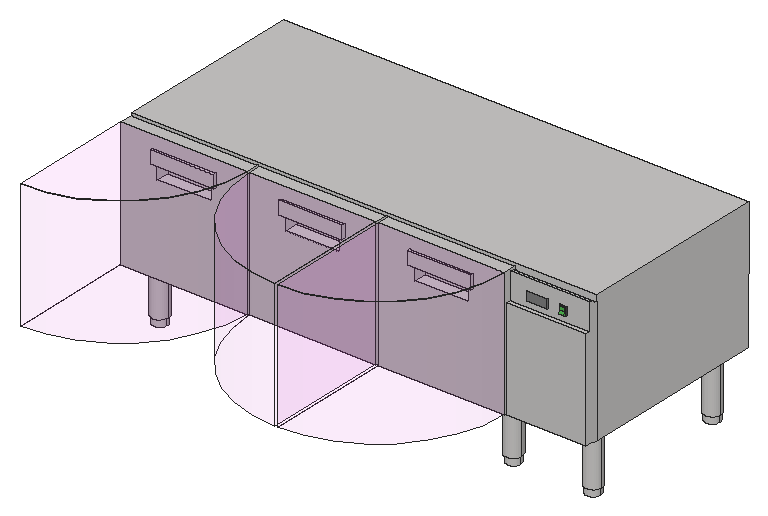
Revit family "QF_ELECTROLUXPROFESSIONAL_371293_E7TTCECOMKN", category Specialty Equipment, Revit 2018 (continued)
Lines and regions (mm)
  Split face 146
    outline origin (966.896, -348, 142.29) x (0, 0, -1) y (1, 0, 0)
      loop
        line (-85.004, -234.4) -> (-117.004, -234.4)
        arc (-117.004, -234.4) -> (-121.004, -238.41) -> (-116.984, -242.399) r 4
        line (-116.984, -242.399) -> (-85.025, -242.399)
  Split face 147
    outline origin (978.896, -348, 142.29) x (0, 0, -1) y (1, 0, 0)
      loop
        arc (-85.025, -242.399) -> (-81.004, -238.41) -> (-85.004, -234.4) r 4
        line (-85.004, -234.4) -> (-117.004, -234.4)
        arc (-117.004, -234.4) -> (-121.004, -238.41) -> (-116.984, -242.399) r 4
        line (-116.984, -242.399) -> (-85.025, -242.399)
  Split face 148
    outline origin (990.896, -348, 142.29) x (0, 0, -1) y (1, 0, 0)
      loop
        arc (-85.025, -242.399) -> (-81.004, -238.41) -> (-85.004, -234.4) r 4
        line (-85.004, -234.4) -> (-117.004, -234.4)
        arc (-117.004, -234.4) -> (-121.004, -238.41) -> (-116.984, -242.399) r 4
        line (-116.984, -242.399) -> (-85.025, -242.399)
  Split face 149
    outline origin (1002.896, -348, 142.29) x (0, 0, -1) y (1, 0, 0)
      loop
        arc (-85.025, -242.399) -> (-81.004, -238.41) -> (-85.004, -234.4) r 4
        line (-85.004, -234.4) -> (-117.004, -234.4)
        arc (-117.004, -234.4) -> (-121.004, -238.41) -> (-116.984, -242.399) r 4
        line (-116.984, -242.399) -> (-85.025, -242.399)
  Split face 150
    outline origin (1014.896, -348, 142.29) x (0, 0, -1) y (1, 0, 0)
      loop
        arc (-85.025, -242.399) -> (-81.004, -238.41) -> (-85.004, -234.4) r 4
        line (-85.004, -234.4) -> (-117.004, -234.4)
        arc (-117.004, -234.4) -> (-121.004, -238.41) -> (-116.984, -242.399) r 4
        line (-116.984, -242.399) -> (-85.025, -242.399)
  Split face 151
    outline origin (787, -348, 142.29) x (0, 0, -1) y (1, 0, 0)
      loop
        arc (-85.025, -240.599) -> (-81.004, -236.61) -> (-85.004, -232.599) r 4
        line (-85.004, -232.599) -> (-117.004, -232.599)
        arc (-117.004, -232.599) -> (-121.004, -236.61) -> (-116.984, -240.599) r 4
        line (-116.984, -240.599) -> (-85.025, -240.599)
  symbolic lines, style "SpecialityEquipmentHiddenLines"
    curve 1: line (-799, 350, 0) -> (799, 350, 0)
    curve 2: line (-799, -348, 0) -> (-799, 350, 0)
    curve 3: line (799, -348, 0) -> (-799, -348, 0)
    curve 4: line (799, 350, 0) -> (799, -348, 0)
    curve 5: line (-799, -303, 0) -> (799, -303, 0)
  symbolic lines, style "QF_Door-Drawer Clearances"
    curve 6: line (-799, -348, 0) -> (-799, -782, 0)
    curve 7: line (-759, -348, 0) -> (-759, -782, 0)
    curve 8: line (-799, -782, 0) -> (-759, -782, 0)
    curve 9: arc (-759, -782, 0) -> (-478.236, -641.044, 0) -> (-364.999, -348, 0) r 436.202
    curve 10: line (85.661, -348, 0) -> (85.661, -782, 0)
    curve 11: line (125.661, -348, 0) -> (125.661, -782, 0)
    curve 12: line (85.661, -782, 0) -> (125.661, -782, 0)
    curve 13: arc (125.661, -782, 0) -> (406.425, -641.044, 0) -> (519.662, -348, 0) r 436.202
    curve 14: line (77.332, -348, 0) -> (77.332, -782, 0)
    curve 15: line (37.332, -348, 0) -> (37.332, -782, 0)
    curve 16: line (77.332, -782, 0) -> (37.332, -782, 0)
    curve 17: arc (37.332, -782, 0) -> (-243.432, -641.044, 0) -> (-356.669, -348, 0) r 436.202
Dimensions and locks
  plane 4 to level = 200 mm
  plane 5 "TOP" to level = 650 mm
  plane 5 "TOP" to plane 4 = 450 mm
  equal spacing: plane 8 "LEFT", plane 3 "Centro (Sinistra/Destra)", plane 9 "RIGHT"
  plane 8 "LEFT" to plane 9 "RIGHT" = 1600 mm
  equal spacing: plane 6 "BACK", plane 1 "Center X", plane 7 "FRONT"
  plane 6 "BACK" to plane 7 "FRONT" = 700 mm
  locked: plane 6 "BACK" to plane 10 at 653
  locked: plane 10 to plane 11 at 45
  locked: plane 8 "LEFT" to plane 12 at 55
  locked: plane 13 to plane 9 "RIGHT" at 55
  plane 12 to plane 14 = 1216 mm
  locked: plane 6 "BACK" to plane 15 at 88
  locked: plane 16 to plane 11 at 99
  locked: plane 19 to plane 9 "RIGHT" at 1
  locked: plane 8 "LEFT" to plane 18 at 1
  plane 19 to plane 17 = 513 mm
  locked: plane 6 "BACK" to plane 20 at 160
  plane 21 to plane 9 "RIGHT" = 240 mm
  plane 14 to plane 12 = 1216 mm
  plane 12 to plane 8 "LEFT" = 55 mm
  plane 9 "RIGHT" to plane 13 = 55 mm
  Extrusion 9 to Extrusion 9 = 434 mm
  Extrusion 11 to Extrusion 11 = 434 mm
  aligned and locked: level to plane 2
  aligned and locked: plane 12 to nested 1
  aligned and locked: nested 1 to plane 16
  aligned and locked: nested 2 to plane 15
  aligned and locked: plane 14 to nested 3
  aligned and locked: nested 4 to plane 14
  aligned and locked: plane 13 to nested 5
  aligned and locked: nested 6 to plane 13
  aligned and locked: Extrusion 1 sketch curve to plane 6 "BACK"
  aligned and locked: Extrusion 1 sketch curve to plane 10
  aligned and locked: Extrusion 2 to plane 11
  aligned and locked: plane 19 to Extrusion 1
  aligned and locked: plane 4 to Extrusion 4
  aligned and locked: nested 2 to plane 12
Automatic sketch dimensions
  plane 20 to Extrusion 4 sketch curve = 0 mm
  plane 13 to Extrusion 4 sketch curve = 15 mm
  curve 6 to plane 11 = 0 mm
  curve 6 to plane 18 = 0 mm
  curve 3 to plane 19 = 0 mm
  curve 5 to plane 10 = 0 mm
  curve 2 to plane 6 "BACK" = 0 mm
  plane 11 to curve 9 = 0.156 mm
  curve 9 to plane 8 "LEFT" = 1.201 mm
  curve 8 to plane 12 = 14 mm
  plane 3 "Centro (Sinistra/Destra)" to curve 16 = 37.332 mm
  plane 3 "Centro (Sinistra/Destra)" to curve 16 = 77.332 mm
  plane 11 to curve 17 = 0.156 mm
  curve 14 to curve 17 = 2.201 mm
  plane 11 to curve 13 = 0.156 mm
  plane 3 "Centro (Sinistra/Destra)" to curve 13 = 83.461 mm
  plane 3 "Centro (Sinistra/Destra)" to curve 12 = 85.661 mm
  curve 10 to curve 11 = 40 mm
  curve 8 to plane 7 "FRONT" = 432 mm
  curve 14 to plane 7 "FRONT" = 432 mm
  curve 14 to curve 10 = 0 mm
  Extrusion 1 sketch curve to plane 19 = 0 mm
  Extrusion 1 sketch curve to plane 18 = 0 mm
  Extrusion 2 sketch curve to plane 18 = 0 mm
  plane 12 to Extrusion 2 sketch curve = 69.7 mm
  Extrusion 2 sketch curve to Extrusion 2 sketch curve = 186.601 mm
  Extrusion 2 sketch curve to plane 5 "TOP" = 9.006 mm
  Extrusion 2 sketch curve to Extrusion 2 sketch curve = 123.7 mm
  Extrusion 2 sketch curve to plane 5 "TOP" = 65 mm
  Extrusion 2 sketch curve to Extrusion 2 sketch curve = 78.294 mm
  plane 4 to Extrusion 2 sketch curve = 1.587 mm
  Extrusion 3 sketch curve to Extrusion 2 = 15 mm  (x2)
  Extrusion 2 to Extrusion 3 sketch curve = 31.031 mm
  Extrusion 3 sketch curve to Extrusion 2 = 13.969 mm
  Extrusion 5 sketch curve to plane 11 = 0 mm
  Extrusion 5 sketch curve to plane 4 = 0 mm
  Extrusion 5 sketch curve to plane 10 = 0 mm
  plane 11 to Extrusion 5 sketch curve = 16.901 mm
  Extrusion 5 sketch curve to Extrusion 5 sketch curve = 11.336 mm
  plane 4 to Extrusion 5 sketch curve = 4.796 mm
  Extrusion 5 sketch curve to plane 10 = 15.163 mm
  Extrusion 5 sketch curve to plane 10 = 5.442 mm
  Extrusion 5 sketch curve to plane 5 "TOP" = 100.204 mm
  Extrusion 5 sketch curve to plane 5 "TOP" = 20.473 mm
  Extrusion 5 sketch curve to plane 5 "TOP" = 9.006 mm
  Extrusion 5 to Extrusion 6 sketch curve = 42.198 mm
  Extrusion 6 sketch curve to Extrusion 5 = 20 mm
  Extrusion 5 to Extrusion 6 sketch curve = 102.899 mm
  Extrusion 6 sketch curve to Extrusion 6 sketch curve = 22 mm
  Extrusion 5 to Extrusion 7 sketch curve = 42.198 mm
  Extrusion 7 sketch curve to Extrusion 5 = 20 mm
  Extrusion 5 to Extrusion 7 sketch curve = 54.901 mm
  Extrusion 7 sketch curve to Extrusion 7 sketch curve = 70 mm
  Split face 1 sketch curve to Extrusion 7 = 5 mm
  Split face 1 sketch curve to Extrusion 7 = 9 mm
  Split face 1 sketch curve to Extrusion 7 = 10 mm  (x2)
  Split face 2 sketch curve to Extrusion 7 = 12.5 mm
  Split face 2 sketch curve to Extrusion 7 = 7 mm
  Split face 3 sketch curve to Extrusion 7 = 7.5 mm
  Split face 3 sketch curve to Extrusion 7 = 7 mm
  Split face 4 sketch curve to Extrusion 7 = 11.5 mm
  Split face 4 sketch curve to Extrusion 7 = 7 mm
  Split face 5 sketch curve to Extrusion 7 = 7.5 mm
  Split face 5 sketch curve to Extrusion 7 = 7 mm
  Split face 6 sketch curve to Extrusion 7 = 12.5 mm
  Split face 6 sketch curve to Extrusion 7 = 7 mm
  Split face 7 sketch curve to Extrusion 7 = 11.5 mm
  Split face 7 sketch curve to Extrusion 7 = 7 mm
  Split face 8 sketch curve to Extrusion 7 = 7.047 mm
  Split face 8 sketch curve to Extrusion 7 = 2.047 mm
  Split face 8 sketch curve to Extrusion 7 = 10 mm
  Split face 8 sketch curve to Split face 8 sketch curve = 11 mm
  Split face 9 sketch curve to Extrusion 7 = 7.047 mm
  Split face 9 sketch curve to Extrusion 7 = 2.047 mm
  Split face 9 sketch curve to Extrusion 7 = 23 mm
  Split face 9 sketch curve to Split face 9 sketch curve = 11 mm
  Split face 10 sketch curve to Extrusion 7 = 7.047 mm
  Split face 10 sketch curve to Extrusion 7 = 2.047 mm
  Split face 10 sketch curve to Extrusion 7 = 34 mm
  Split face 10 sketch curve to Split face 10 sketch curve = 11 mm
  Split face 11 sketch curve to Extrusion 7 = 7.047 mm
  Split face 11 sketch curve to Extrusion 7 = 2.047 mm
  Split face 11 sketch curve to Extrusion 7 = 21 mm
  Split face 11 sketch curve to Extrusion 7 = 10 mm
  Extrusion 8 sketch curve to Extrusion 8 sketch curve = 0 mm  (x3)
  Extrusion 8 sketch curve to Extrusion 6 = 0 mm
  Extrusion 6 to Extrusion 8 sketch curve = 2.279 mm
  Extrusion 8 sketch curve to Extrusion 8 sketch curve = 0.116 mm
  Extrusion 8 sketch curve to Extrusion 8 sketch curve = 12.105 mm
  Extrusion 6 to Extrusion 8 sketch curve = 3.692 mm
  Extrusion 6 to Extrusion 8 sketch curve = 2.395 mm
  Split face 12 sketch curve to Extrusion 5 = 20.5 mm
  Split face 12 sketch curve to Split face 12 sketch curve = 0.02 mm  (x2)
  Split face 12 sketch curve to Split face 12 sketch curve = 31.959 mm
  Split face 12 sketch curve to Extrusion 5 = 30.401 mm
  Split face 12 sketch curve to Split face 12 sketch curve = 4 mm
  Split face 13 sketch curve to Extrusion 5 = 20.5 mm
  Split face 13 sketch curve to Split face 13 sketch curve = 0.02 mm  (x2)
  Split face 13 sketch curve to Split face 13 sketch curve = 31.959 mm
  Split face 13 sketch curve to Extrusion 5 = 42.4 mm
  Split face 13 sketch curve to Split face 13 sketch curve = 4 mm
  Split face 14 sketch curve to Extrusion 5 = 20.5 mm
  Split face 14 sketch curve to Split face 14 sketch curve = 0.02 mm  (x2)
  Split face 14 sketch curve to Split face 14 sketch curve = 31.959 mm
  Split face 14 sketch curve to Extrusion 5 = 54.4 mm
  Split face 14 sketch curve to Split face 14 sketch curve = 4 mm
  Split face 15 sketch curve to Extrusion 5 = 20.5 mm
  Split face 15 sketch curve to Split face 15 sketch curve = 0.02 mm  (x2)
  Split face 15 sketch curve to Split face 15 sketch curve = 31.959 mm
  Split face 15 sketch curve to Extrusion 5 = 66.297 mm
  Split face 15 sketch curve to Split face 15 sketch curve = 4 mm
  Split face 16 sketch curve to Extrusion 5 = 20.5 mm
  Split face 16 sketch curve to Split face 16 sketch curve = 0.02 mm  (x2)
  Split face 16 sketch curve to Split face 16 sketch curve = 31.959 mm
  Split face 16 sketch curve to Extrusion 5 = 78.297 mm
  Split face 16 sketch curve to Split face 16 sketch curve = 4 mm
  Split face 17 sketch curve to Extrusion 5 = 20.5 mm
  Split face 17 sketch curve to Split face 17 sketch curve = 0.02 mm  (x2)
  Split face 17 sketch curve to Split face 17 sketch curve = 31.959 mm
  Split face 17 sketch curve to Extrusion 5 = 90.297 mm
  Split face 17 sketch curve to Split face 17 sketch curve = 4 mm
  Split face 18 sketch curve to Extrusion 5 = 20.5 mm
  Split face 18 sketch curve to Split face 18 sketch curve = 0.02 mm  (x2)
  Split face 18 sketch curve to Split face 18 sketch curve = 31.959 mm
  Split face 18 sketch curve to Extrusion 5 = 102.297 mm
  Split face 18 sketch curve to Split face 18 sketch curve = 4 mm
  Split face 19 sketch curve to Extrusion 5 = 20.5 mm
  Split face 19 sketch curve to Split face 19 sketch curve = 0.02 mm  (x2)
  Split face 19 sketch curve to Split face 19 sketch curve = 31.959 mm
  Split face 19 sketch curve to Extrusion 5 = 114.297 mm
  Split face 19 sketch curve to Split face 19 sketch curve = 4 mm
  Split face 20 sketch curve to Extrusion 5 = 20.5 mm
  Split face 20 sketch curve to Split face 20 sketch curve = 0.02 mm  (x2)
  Split face 20 sketch curve to Split face 20 sketch curve = 31.959 mm
  Split face 20 sketch curve to Extrusion 5 = 126.297 mm
  Split face 20 sketch curve to Split face 20 sketch curve = 4 mm
  Split face 21 sketch curve to Extrusion 5 = 20.5 mm
  Split face 21 sketch curve to Split face 21 sketch curve = 0.02 mm  (x2)
  Split face 21 sketch curve to Split face 21 sketch curve = 31.959 mm
  Split face 21 sketch curve to Extrusion 5 = 134.503 mm
  Split face 21 sketch curve to Split face 21 sketch curve = 4 mm
  Split face 22 sketch curve to Extrusion 5 = 20.5 mm
  Split face 22 sketch curve to Split face 22 sketch curve = 0.02 mm  (x2)
  Split face 22 sketch curve to Split face 22 sketch curve = 31.959 mm
  Split face 22 sketch curve to Extrusion 5 = 122.504 mm
  Split face 22 sketch curve to Split face 22 sketch curve = 4 mm
  Split face 23 sketch curve to Extrusion 5 = 20.5 mm
  Split face 23 sketch curve to Split face 23 sketch curve = 0.02 mm  (x2)
  Split face 23 sketch curve to Split face 23 sketch curve = 31.959 mm
  Split face 23 sketch curve to Extrusion 5 = 110.503 mm
  Split face 23 sketch curve to Split face 23 sketch curve = 4 mm
  Split face 24 sketch curve to Extrusion 5 = 20.5 mm
  Split face 24 sketch curve to Split face 24 sketch curve = 0.02 mm  (x2)
  Split face 24 sketch curve to Split face 24 sketch curve = 31.959 mm
  Split face 24 sketch curve to Extrusion 5 = 98.503 mm
  Split face 24 sketch curve to Split face 24 sketch curve = 4 mm
  Split face 25 sketch curve to Extrusion 5 = 20.5 mm
  Split face 25 sketch curve to Split face 25 sketch curve = 0.02 mm  (x2)
  Split face 25 sketch curve to Split face 25 sketch curve = 31.959 mm
  Split face 25 sketch curve to Extrusion 5 = 86.503 mm
  Split face 25 sketch curve to Split face 25 sketch curve = 4 mm
  Split face 26 sketch curve to Extrusion 5 = 20.5 mm
  Split face 26 sketch curve to Split face 26 sketch curve = 0.02 mm  (x2)
  Split face 26 sketch curve to Split face 26 sketch curve = 31.959 mm
  Split face 26 sketch curve to Extrusion 5 = 74.504 mm
  Split face 26 sketch curve to Split face 26 sketch curve = 4 mm
  Split face 27 sketch curve to Extrusion 5 = 20.5 mm
  Split face 27 sketch curve to Split face 27 sketch curve = 0.02 mm  (x2)
  Split face 27 sketch curve to Split face 27 sketch curve = 31.959 mm
  Split face 27 sketch curve to Extrusion 5 = 62.503 mm
  Split face 27 sketch curve to Split face 27 sketch curve = 4 mm
  Split face 28 sketch curve to Extrusion 5 = 20.5 mm
  Split face 28 sketch curve to Split face 28 sketch curve = 0.02 mm  (x2)
  Split face 28 sketch curve to Split face 28 sketch curve = 31.959 mm
  Split face 28 sketch curve to Extrusion 5 = 50.504 mm
  Split face 28 sketch curve to Split face 28 sketch curve = 4 mm
  Split face 29 sketch curve to Extrusion 5 = 20.5 mm
  Split face 29 sketch curve to Split face 29 sketch curve = 0.02 mm  (x2)
  Split face 29 sketch curve to Split face 29 sketch curve = 31.959 mm
  Split face 29 sketch curve to Extrusion 5 = 38.504 mm
  Split face 29 sketch curve to Split face 29 sketch curve = 4 mm
  Split face 30 sketch curve to Extrusion 5 = 20.5 mm
  Split face 30 sketch curve to Split face 30 sketch curve = 0.02 mm  (x2)
  Split face 30 sketch curve to Split face 30 sketch curve = 31.959 mm
  Split face 30 sketch curve to Extrusion 5 = 26.504 mm
  Split face 30 sketch curve to Split face 30 sketch curve = 4 mm
  Split face 31 sketch curve to Extrusion 5 = 20.5 mm
  Split face 31 sketch curve to Split face 31 sketch curve = 0.02 mm  (x2)
  Split face 31 sketch curve to Split face 31 sketch curve = 31.959 mm
  Split face 31 sketch curve to Extrusion 5 = 18.401 mm
  Split face 31 sketch curve to Split face 31 sketch curve = 4 mm
  Split face 32 sketch curve to Extrusion 5 = 65.502 mm
  Split face 32 sketch curve to Split face 32 sketch curve = 0.02 mm  (x2)
  Split face 32 sketch curve to Split face 32 sketch curve = 31.959 mm
  Split face 32 sketch curve to Extrusion 5 = 30.401 mm
  Split face 32 sketch curve to Split face 32 sketch curve = 4 mm
  Split face 33 sketch curve to Extrusion 5 = 65.502 mm
  Split face 33 sketch curve to Split face 33 sketch curve = 0.02 mm  (x2)
  Split face 33 sketch curve to Split face 33 sketch curve = 31.959 mm
  Split face 33 sketch curve to Extrusion 5 = 42.4 mm
  Split face 33 sketch curve to Split face 33 sketch curve = 4 mm
  Split face 34 sketch curve to Extrusion 5 = 65.502 mm
  Split face 34 sketch curve to Split face 34 sketch curve = 0.02 mm  (x2)
  Split face 34 sketch curve to Split face 34 sketch curve = 31.959 mm
  Split face 34 sketch curve to Extrusion 5 = 54.4 mm
  Split face 34 sketch curve to Split face 34 sketch curve = 4 mm
  Split face 35 sketch curve to Extrusion 5 = 65.502 mm
  Split face 35 sketch curve to Split face 35 sketch curve = 0.02 mm  (x2)
  Split face 35 sketch curve to Split face 35 sketch curve = 31.959 mm
  Split face 35 sketch curve to Extrusion 5 = 66.297 mm
  Split face 35 sketch curve to Split face 35 sketch curve = 4 mm
  Split face 36 sketch curve to Extrusion 5 = 65.502 mm
  Split face 36 sketch curve to Split face 36 sketch curve = 0.02 mm  (x2)
  Split face 36 sketch curve to Split face 36 sketch curve = 31.959 mm
  Split face 36 sketch curve to Extrusion 5 = 78.297 mm
  Split face 36 sketch curve to Split face 36 sketch curve = 4 mm
  Split face 37 sketch curve to Extrusion 5 = 65.502 mm
  Split face 37 sketch curve to Split face 37 sketch curve = 0.02 mm  (x2)
  Split face 37 sketch curve to Split face 37 sketch curve = 31.959 mm
  Split face 37 sketch curve to Extrusion 5 = 90.297 mm
  Split face 37 sketch curve to Split face 37 sketch curve = 4 mm
  Split face 38 sketch curve to Extrusion 5 = 65.502 mm
  Split face 38 sketch curve to Split face 38 sketch curve = 0.02 mm  (x2)
  Split face 38 sketch curve to Split face 38 sketch curve = 31.959 mm
  Split face 38 sketch curve to Extrusion 5 = 102.297 mm
  Split face 38 sketch curve to Split face 38 sketch curve = 4 mm
  Split face 39 sketch curve to Extrusion 5 = 65.502 mm
  Split face 39 sketch curve to Split face 39 sketch curve = 0.02 mm  (x2)
  Split face 39 sketch curve to Split face 39 sketch curve = 31.959 mm
  Split face 39 sketch curve to Extrusion 5 = 114.297 mm
  Split face 39 sketch curve to Split face 39 sketch curve = 4 mm
  Split face 40 sketch curve to Extrusion 5 = 65.502 mm
  Split face 40 sketch curve to Split face 40 sketch curve = 0.02 mm  (x2)
  Split face 40 sketch curve to Split face 40 sketch curve = 31.959 mm
  Split face 40 sketch curve to Extrusion 5 = 126.297 mm
  Split face 40 sketch curve to Split face 40 sketch curve = 4 mm
  Split face 41 sketch curve to Extrusion 5 = 65.502 mm
  Split face 41 sketch curve to Split face 41 sketch curve = 0.02 mm  (x2)
  Split face 41 sketch curve to Split face 41 sketch curve = 31.959 mm
  Split face 41 sketch curve to Extrusion 5 = 134.503 mm
  Split face 41 sketch curve to Split face 41 sketch curve = 4 mm
  Split face 42 sketch curve to Extrusion 5 = 65.502 mm
  Split face 42 sketch curve to Split face 42 sketch curve = 0.02 mm  (x2)
  Split face 42 sketch curve to Split face 42 sketch curve = 31.959 mm
  Split face 42 sketch curve to Extrusion 5 = 122.504 mm
  Split face 42 sketch curve to Split face 42 sketch curve = 4 mm
  Split face 43 sketch curve to Extrusion 5 = 65.502 mm
  Split face 43 sketch curve to Split face 43 sketch curve = 0.02 mm  (x2)
  Split face 43 sketch curve to Split face 43 sketch curve = 31.959 mm
  Split face 43 sketch curve to Extrusion 5 = 110.503 mm
  Split face 43 sketch curve to Split face 43 sketch curve = 4 mm
  Split face 44 sketch curve to Extrusion 5 = 65.502 mm
  Split face 44 sketch curve to Split face 44 sketch curve = 0.02 mm  (x2)
  Split face 44 sketch curve to Split face 44 sketch curve = 31.959 mm
  Split face 44 sketch curve to Extrusion 5 = 98.503 mm
  Split face 44 sketch curve to Split face 44 sketch curve = 4 mm
  Split face 45 sketch curve to Extrusion 5 = 65.502 mm
  Split face 45 sketch curve to Split face 45 sketch curve = 0.02 mm  (x2)
  Split face 45 sketch curve to Split face 45 sketch curve = 31.959 mm
  Split face 45 sketch curve to Extrusion 5 = 86.503 mm
  Split face 45 sketch curve to Split face 45 sketch curve = 4 mm
  Split face 46 sketch curve to Extrusion 5 = 65.502 mm
  Split face 46 sketch curve to Split face 46 sketch curve = 0.02 mm  (x2)
  Split face 46 sketch curve to Split face 46 sketch curve = 31.959 mm
  Split face 46 sketch curve to Extrusion 5 = 74.504 mm
  Split face 46 sketch curve to Split face 46 sketch curve = 4 mm
  Split face 47 sketch curve to Extrusion 5 = 65.502 mm
  Split face 47 sketch curve to Split face 47 sketch curve = 0.02 mm  (x2)
  Split face 47 sketch curve to Split face 47 sketch curve = 31.959 mm
  Split face 47 sketch curve to Extrusion 5 = 62.503 mm
  Split face 47 sketch curve to Split face 47 sketch curve = 4 mm
  Split face 48 sketch curve to Extrusion 5 = 65.502 mm
  Split face 48 sketch curve to Split face 48 sketch curve = 0.02 mm  (x2)
  Split face 48 sketch curve to Split face 48 sketch curve = 31.959 mm
  Split face 48 sketch curve to Extrusion 5 = 50.504 mm
  Split face 48 sketch curve to Split face 48 sketch curve = 4 mm
  Split face 49 sketch curve to Extrusion 5 = 65.502 mm
  Split face 49 sketch curve to Split face 49 sketch curve = 0.02 mm  (x2)
  Split face 49 sketch curve to Split face 49 sketch curve = 31.959 mm
  Split face 49 sketch curve to Extrusion 5 = 38.504 mm
  Split face 49 sketch curve to Split face 49 sketch curve = 4 mm
  Split face 50 sketch curve to Extrusion 5 = 22.504 mm
  Split face 50 sketch curve to Extrusion 5 = 65.502 mm
  Split face 50 sketch curve to Split face 50 sketch curve = 0.02 mm  (x2)
  Split face 50 sketch curve to Split face 50 sketch curve = 31.959 mm
  Split face 50 sketch curve to Split face 50 sketch curve = 4 mm
  Split face 51 sketch curve to Extrusion 5 = 22.401 mm
  Split face 51 sketch curve to Extrusion 5 = 65.502 mm
  Split face 51 sketch curve to Split face 51 sketch curve = 0.02 mm  (x2)
  Split face 51 sketch curve to Split face 51 sketch curve = 31.959 mm
  Split face 51 sketch curve to Split face 51 sketch curve = 4 mm
  Split face 52 sketch curve to Extrusion 5 = 34.401 mm
  Split face 52 sketch curve to Extrusion 5 = 110.502 mm
  Split face 52 sketch curve to Split face 52 sketch curve = 0.02 mm  (x2)
  Split face 52 sketch curve to Split face 52 sketch curve = 31.959 mm
  Split face 52 sketch curve to Split face 52 sketch curve = 4 mm
  Split face 53 sketch curve to Extrusion 5 = 46.4 mm
  Split face 53 sketch curve to Extrusion 5 = 110.502 mm
  Split face 53 sketch curve to Split face 53 sketch curve = 0.02 mm  (x2)
  Split face 53 sketch curve to Split face 53 sketch curve = 31.959 mm
  Split face 53 sketch curve to Split face 53 sketch curve = 4 mm
  Split face 54 sketch curve to Extrusion 5 = 110.502 mm
  Split face 54 sketch curve to Split face 54 sketch curve = 0.02 mm  (x2)
  Split face 54 sketch curve to Split face 54 sketch curve = 31.959 mm
  Split face 54 sketch curve to Extrusion 5 = 54.4 mm
  Split face 54 sketch curve to Split face 54 sketch curve = 4 mm
  Split face 55 sketch curve to Extrusion 5 = 110.502 mm
  Split face 55 sketch curve to Split face 55 sketch curve = 0.02 mm  (x2)
  Split face 55 sketch curve to Split face 55 sketch curve = 31.959 mm
  Split face 55 sketch curve to Extrusion 5 = 66.297 mm
  Split face 55 sketch curve to Split face 55 sketch curve = 4 mm
  Split face 56 sketch curve to Extrusion 5 = 110.502 mm
  Split face 56 sketch curve to Split face 56 sketch curve = 0.02 mm  (x2)
  Split face 56 sketch curve to Split face 56 sketch curve = 31.959 mm
  Split face 56 sketch curve to Extrusion 5 = 78.297 mm
  Split face 56 sketch curve to Split face 56 sketch curve = 4 mm
  Split face 57 sketch curve to Extrusion 5 = 110.502 mm
  Split face 57 sketch curve to Split face 57 sketch curve = 0.02 mm  (x2)
  Split face 57 sketch curve to Split face 57 sketch curve = 31.959 mm
  Split face 57 sketch curve to Extrusion 5 = 90.297 mm
  Split face 57 sketch curve to Split face 57 sketch curve = 4 mm
  Split face 58 sketch curve to Extrusion 5 = 110.502 mm
  Split face 58 sketch curve to Split face 58 sketch curve = 0.02 mm  (x2)
  Split face 58 sketch curve to Split face 58 sketch curve = 31.959 mm
  Split face 58 sketch curve to Extrusion 5 = 102.297 mm
  Split face 58 sketch curve to Split face 58 sketch curve = 4 mm
  Split face 59 sketch curve to Extrusion 5 = 110.502 mm
  Split face 59 sketch curve to Split face 59 sketch curve = 0.02 mm  (x2)
  Split face 59 sketch curve to Split face 59 sketch curve = 31.959 mm
  Split face 59 sketch curve to Extrusion 5 = 114.297 mm
  Split face 59 sketch curve to Split face 59 sketch curve = 4 mm
  Split face 60 sketch curve to Extrusion 5 = 110.502 mm
  Split face 60 sketch curve to Split face 60 sketch curve = 0.02 mm  (x2)
  Split face 60 sketch curve to Split face 60 sketch curve = 31.959 mm
  Split face 60 sketch curve to Extrusion 5 = 126.297 mm
  Split face 60 sketch curve to Split face 60 sketch curve = 4 mm
  Split face 61 sketch curve to Extrusion 5 = 110.502 mm
  Split face 61 sketch curve to Split face 61 sketch curve = 0.02 mm  (x2)
  Split face 61 sketch curve to Split face 61 sketch curve = 31.959 mm
  Split face 61 sketch curve to Extrusion 5 = 134.503 mm
  Split face 61 sketch curve to Split face 61 sketch curve = 4 mm
  Split face 62 sketch curve to Extrusion 5 = 110.502 mm
  Split face 62 sketch curve to Split face 62 sketch curve = 0.02 mm  (x2)
  Split face 62 sketch curve to Split face 62 sketch curve = 31.959 mm
  Split face 62 sketch curve to Extrusion 5 = 122.504 mm
  Split face 62 sketch curve to Split face 62 sketch curve = 4 mm
  Split face 63 sketch curve to Extrusion 5 = 110.502 mm
  Split face 63 sketch curve to Split face 63 sketch curve = 0.02 mm  (x2)
  Split face 63 sketch curve to Split face 63 sketch curve = 31.959 mm
  Split face 63 sketch curve to Extrusion 5 = 110.503 mm
  Split face 63 sketch curve to Split face 63 sketch curve = 4 mm
  Split face 64 sketch curve to Extrusion 5 = 110.502 mm
  Split face 64 sketch curve to Split face 64 sketch curve = 0.02 mm  (x2)
  Split face 64 sketch curve to Split face 64 sketch curve = 31.959 mm
  Split face 64 sketch curve to Extrusion 5 = 98.503 mm
  Split face 64 sketch curve to Split face 64 sketch curve = 4 mm
  Split face 65 sketch curve to Extrusion 5 = 110.502 mm
  Split face 65 sketch curve to Split face 65 sketch curve = 0.02 mm  (x2)
  Split face 65 sketch curve to Split face 65 sketch curve = 31.959 mm
  Split face 65 sketch curve to Extrusion 5 = 86.503 mm
  Split face 65 sketch curve to Split face 65 sketch curve = 4 mm
  Split face 66 sketch curve to Extrusion 5 = 110.502 mm
  Split face 66 sketch curve to Split face 66 sketch curve = 0.02 mm  (x2)
  Split face 66 sketch curve to Split face 66 sketch curve = 31.959 mm
  Split face 66 sketch curve to Extrusion 5 = 74.504 mm
  Split face 66 sketch curve to Split face 66 sketch curve = 4 mm
  Split face 67 sketch curve to Extrusion 5 = 110.502 mm
  Split face 67 sketch curve to Split face 67 sketch curve = 0.02 mm  (x2)
  Split face 67 sketch curve to Split face 67 sketch curve = 31.959 mm
  Split face 67 sketch curve to Extrusion 5 = 62.503 mm
  Split face 67 sketch curve to Split face 67 sketch curve = 4 mm
  Split face 68 sketch curve to Extrusion 5 = 46.504 mm
  Split face 68 sketch curve to Extrusion 5 = 110.502 mm
  Split face 68 sketch curve to Split face 68 sketch curve = 0.02 mm  (x2)
  Split face 68 sketch curve to Split face 68 sketch curve = 31.959 mm
  Split face 68 sketch curve to Split face 68 sketch curve = 4 mm
  Split face 69 sketch curve to Extrusion 5 = 34.504 mm
  Split face 69 sketch curve to Extrusion 5 = 110.502 mm
  Split face 69 sketch curve to Split face 69 sketch curve = 0.02 mm  (x2)
  Split face 69 sketch curve to Split face 69 sketch curve = 31.959 mm
  Split face 69 sketch curve to Split face 69 sketch curve = 4 mm
  Split face 70 sketch curve to Extrusion 5 = 22.504 mm
  Split face 70 sketch curve to Extrusion 5 = 110.502 mm
  Split face 70 sketch curve to Split face 70 sketch curve = 0.02 mm  (x2)
  Split face 70 sketch curve to Split face 70 sketch curve = 31.959 mm
  Split face 70 sketch curve to Split face 70 sketch curve = 4 mm
  Split face 71 sketch curve to Extrusion 5 = 22.401 mm
  Split face 71 sketch curve to Extrusion 5 = 110.502 mm
  Split face 71 sketch curve to Split face 71 sketch curve = 0.02 mm  (x2)
  Split face 71 sketch curve to Split face 71 sketch curve = 31.959 mm
  Split face 71 sketch curve to Split face 71 sketch curve = 4 mm
  Split face 72 sketch curve to Extrusion 5 = 34.401 mm
  Split face 72 sketch curve to Extrusion 5 = 155.502 mm
  Split face 72 sketch curve to Split face 72 sketch curve = 0.02 mm  (x2)
  Split face 72 sketch curve to Split face 72 sketch curve = 31.959 mm
  Split face 72 sketch curve to Split face 72 sketch curve = 4 mm
  Split face 73 sketch curve to Extrusion 5 = 46.4 mm
  Split face 73 sketch curve to Extrusion 5 = 155.502 mm
  Split face 73 sketch curve to Split face 73 sketch curve = 0.02 mm  (x2)
  Split face 73 sketch curve to Split face 73 sketch curve = 31.959 mm
  Split face 73 sketch curve to Split face 73 sketch curve = 4 mm
  Split face 74 sketch curve to Extrusion 5 = 58.4 mm
  Split face 74 sketch curve to Extrusion 5 = 155.502 mm
  Split face 74 sketch curve to Split face 74 sketch curve = 0.02 mm  (x2)
  Split face 74 sketch curve to Split face 74 sketch curve = 31.959 mm
  Split face 74 sketch curve to Split face 74 sketch curve = 4 mm
  Split face 75 sketch curve to Extrusion 5 = 70.297 mm
  Split face 75 sketch curve to Extrusion 5 = 155.502 mm
  Split face 75 sketch curve to Split face 75 sketch curve = 0.02 mm  (x2)
  Split face 75 sketch curve to Split face 75 sketch curve = 31.959 mm
  Split face 75 sketch curve to Split face 75 sketch curve = 4 mm
  Split face 76 sketch curve to Extrusion 5 = 155.502 mm
  Split face 76 sketch curve to Split face 76 sketch curve = 0.02 mm  (x2)
  Split face 76 sketch curve to Split face 76 sketch curve = 31.959 mm
  Split face 76 sketch curve to Extrusion 5 = 78.297 mm
  Split face 76 sketch curve to Split face 76 sketch curve = 4 mm
  Split face 77 sketch curve to Extrusion 5 = 155.502 mm
  Split face 77 sketch curve to Split face 77 sketch curve = 0.02 mm  (x2)
  Split face 77 sketch curve to Split face 77 sketch curve = 31.959 mm
  Split face 77 sketch curve to Extrusion 5 = 90.297 mm
  Split face 77 sketch curve to Split face 77 sketch curve = 4 mm
  Split face 78 sketch curve to Extrusion 5 = 155.502 mm
  Split face 78 sketch curve to Split face 78 sketch curve = 0.02 mm  (x2)
  Split face 78 sketch curve to Split face 78 sketch curve = 31.959 mm
  Split face 78 sketch curve to Extrusion 5 = 102.297 mm
  Split face 78 sketch curve to Split face 78 sketch curve = 4 mm
  Split face 79 sketch curve to Extrusion 5 = 155.502 mm
  Split face 79 sketch curve to Split face 79 sketch curve = 0.02 mm  (x2)
  Split face 79 sketch curve to Split face 79 sketch curve = 31.959 mm
  Split face 79 sketch curve to Extrusion 5 = 114.297 mm
  Split face 79 sketch curve to Split face 79 sketch curve = 4 mm
  Split face 80 sketch curve to Extrusion 5 = 155.502 mm
  Split face 80 sketch curve to Split face 80 sketch curve = 0.02 mm  (x2)
  Split face 80 sketch curve to Split face 80 sketch curve = 31.959 mm
  Split face 80 sketch curve to Extrusion 5 = 126.297 mm
  Split face 80 sketch curve to Split face 80 sketch curve = 4 mm
  Split face 81 sketch curve to Extrusion 5 = 155.502 mm
  Split face 81 sketch curve to Split face 81 sketch curve = 0.02 mm  (x2)
  Split face 81 sketch curve to Split face 81 sketch curve = 31.959 mm
  Split face 81 sketch curve to Extrusion 5 = 134.503 mm
  Split face 81 sketch curve to Split face 81 sketch curve = 4 mm
  Split face 82 sketch curve to Extrusion 5 = 155.502 mm
  Split face 82 sketch curve to Split face 82 sketch curve = 0.02 mm  (x2)
  Split face 82 sketch curve to Split face 82 sketch curve = 31.959 mm
  Split face 82 sketch curve to Extrusion 5 = 122.504 mm
  Split face 82 sketch curve to Split face 82 sketch curve = 4 mm
  Split face 83 sketch curve to Extrusion 5 = 155.502 mm
  Split face 83 sketch curve to Split face 83 sketch curve = 0.02 mm  (x2)
  Split face 83 sketch curve to Split face 83 sketch curve = 31.959 mm
  Split face 83 sketch curve to Extrusion 5 = 110.503 mm
  Split face 83 sketch curve to Split face 83 sketch curve = 4 mm
  Split face 84 sketch curve to Extrusion 5 = 155.502 mm
  Split face 84 sketch curve to Split face 84 sketch curve = 0.02 mm  (x2)
  Split face 84 sketch curve to Split face 84 sketch curve = 31.959 mm
  Split face 84 sketch curve to Extrusion 5 = 98.503 mm
  Split face 84 sketch curve to Split face 84 sketch curve = 4 mm
  Split face 85 sketch curve to Extrusion 5 = 155.502 mm
  Split face 85 sketch curve to Split face 85 sketch curve = 0.02 mm  (x2)
  Split face 85 sketch curve to Split face 85 sketch curve = 31.959 mm
  Split face 85 sketch curve to Extrusion 5 = 86.503 mm
  Split face 85 sketch curve to Split face 85 sketch curve = 4 mm
  Split face 86 sketch curve to Extrusion 5 = 70.504 mm
  Split face 86 sketch curve to Extrusion 5 = 155.502 mm
  Split face 86 sketch curve to Split face 86 sketch curve = 0.02 mm  (x2)
  Split face 86 sketch curve to Split face 86 sketch curve = 31.959 mm
  Split face 86 sketch curve to Split face 86 sketch curve = 4 mm
  Split face 87 sketch curve to Extrusion 5 = 58.503 mm
  Split face 87 sketch curve to Extrusion 5 = 155.502 mm
  Split face 87 sketch curve to Split face 87 sketch curve = 0.02 mm  (x2)
  Split face 87 sketch curve to Split face 87 sketch curve = 31.959 mm
  Split face 87 sketch curve to Split face 87 sketch curve = 4 mm
  Split face 88 sketch curve to Extrusion 5 = 46.504 mm
  Split face 88 sketch curve to Extrusion 5 = 155.502 mm
  Split face 88 sketch curve to Split face 88 sketch curve = 0.02 mm  (x2)
  Split face 88 sketch curve to Split face 88 sketch curve = 31.959 mm
  Split face 88 sketch curve to Split face 88 sketch curve = 4 mm
  Split face 89 sketch curve to Extrusion 5 = 34.504 mm
  Split face 89 sketch curve to Extrusion 5 = 155.502 mm
  Split face 89 sketch curve to Split face 89 sketch curve = 0.02 mm  (x2)
  Split face 89 sketch curve to Split face 89 sketch curve = 31.959 mm
  Split face 89 sketch curve to Split face 89 sketch curve = 4 mm
  Split face 90 sketch curve to Extrusion 5 = 22.504 mm
  Split face 90 sketch curve to Extrusion 5 = 155.502 mm
  Split face 90 sketch curve to Split face 90 sketch curve = 0.02 mm  (x2)
  Split face 90 sketch curve to Split face 90 sketch curve = 31.959 mm
  Split face 90 sketch curve to Split face 90 sketch curve = 4 mm
  Split face 91 sketch curve to Extrusion 5 = 22.401 mm
  Split face 91 sketch curve to Extrusion 5 = 155.502 mm
  Split face 91 sketch curve to Split face 91 sketch curve = 0.02 mm  (x2)
  Split face 91 sketch curve to Split face 91 sketch curve = 31.959 mm
  Split face 91 sketch curve to Split face 91 sketch curve = 4 mm
  Split face 92 sketch curve to Extrusion 5 = 34.401 mm
  Split face 92 sketch curve to Extrusion 5 = 144.498 mm
  Split face 92 sketch curve to Split face 92 sketch curve = 0.02 mm  (x2)
  Split face 92 sketch curve to Split face 92 sketch curve = 31.959 mm
  Split face 92 sketch curve to Split face 92 sketch curve = 4 mm
  Split face 93 sketch curve to Extrusion 5 = 46.4 mm
  Split face 93 sketch curve to Extrusion 5 = 144.498 mm
  Split face 93 sketch curve to Split face 93 sketch curve = 0.02 mm  (x2)
  Split face 93 sketch curve to Split face 93 sketch curve = 31.959 mm
  Split face 93 sketch curve to Split face 93 sketch curve = 4 mm
  Split face 94 sketch curve to Extrusion 5 = 58.4 mm
  Split face 94 sketch curve to Extrusion 5 = 144.498 mm
  Split face 94 sketch curve to Split face 94 sketch curve = 0.02 mm  (x2)
  Split face 94 sketch curve to Split face 94 sketch curve = 31.959 mm
  Split face 94 sketch curve to Split face 94 sketch curve = 4 mm
  Split face 95 sketch curve to Extrusion 5 = 70.297 mm
  Split face 95 sketch curve to Extrusion 5 = 144.498 mm
  Split face 95 sketch curve to Split face 95 sketch curve = 0.02 mm  (x2)
  Split face 95 sketch curve to Split face 95 sketch curve = 31.959 mm
  Split face 95 sketch curve to Split face 95 sketch curve = 4 mm
  Split face 96 sketch curve to Extrusion 5 = 144.498 mm
  Split face 96 sketch curve to Split face 96 sketch curve = 0.02 mm  (x2)
  Split face 96 sketch curve to Split face 96 sketch curve = 31.959 mm
  Split face 96 sketch curve to Extrusion 5 = 78.297 mm
  Split face 96 sketch curve to Split face 96 sketch curve = 4 mm
  Split face 97 sketch curve to Extrusion 5 = 144.498 mm
  Split face 97 sketch curve to Split face 97 sketch curve = 0.02 mm  (x2)
  Split face 97 sketch curve to Split face 97 sketch curve = 31.959 mm
  Split face 97 sketch curve to Extrusion 5 = 90.297 mm
  Split face 97 sketch curve to Split face 97 sketch curve = 4 mm
  Split face 98 sketch curve to Extrusion 5 = 144.498 mm
  Split face 98 sketch curve to Split face 98 sketch curve = 0.02 mm  (x2)
  Split face 98 sketch curve to Split face 98 sketch curve = 31.959 mm
  Split face 98 sketch curve to Extrusion 5 = 102.297 mm
  Split face 98 sketch curve to Split face 98 sketch curve = 4 mm
  Split face 99 sketch curve to Extrusion 5 = 144.498 mm
  Split face 99 sketch curve to Split face 99 sketch curve = 0.02 mm  (x2)
  Split face 99 sketch curve to Split face 99 sketch curve = 31.959 mm
  Split face 99 sketch curve to Extrusion 5 = 114.297 mm
  Split face 99 sketch curve to Split face 99 sketch curve = 4 mm
  Split face 100 sketch curve to Extrusion 5 = 144.498 mm
  Split face 100 sketch curve to Split face 100 sketch curve = 0.02 mm  (x2)
  Split face 100 sketch curve to Split face 100 sketch curve = 31.959 mm
  Split face 100 sketch curve to Extrusion 5 = 126.297 mm
  Split face 100 sketch curve to Split face 100 sketch curve = 4 mm
  Split face 101 sketch curve to Extrusion 5 = 144.498 mm
  Split face 101 sketch curve to Split face 101 sketch curve = 0.02 mm  (x2)
  Split face 101 sketch curve to Split face 101 sketch curve = 31.959 mm
  Split face 101 sketch curve to Extrusion 5 = 134.503 mm
  Split face 101 sketch curve to Split face 101 sketch curve = 4 mm
  Split face 102 sketch curve to Extrusion 5 = 144.498 mm
  Split face 102 sketch curve to Split face 102 sketch curve = 0.02 mm  (x2)
  Split face 102 sketch curve to Split face 102 sketch curve = 31.959 mm
  Split face 102 sketch curve to Extrusion 5 = 122.504 mm
  Split face 102 sketch curve to Split face 102 sketch curve = 4 mm
  Split face 103 sketch curve to Extrusion 5 = 144.498 mm
  Split face 103 sketch curve to Split face 103 sketch curve = 0.02 mm  (x2)
  Split face 103 sketch curve to Split face 103 sketch curve = 31.959 mm
  Split face 103 sketch curve to Extrusion 5 = 110.503 mm
  Split face 103 sketch curve to Split face 103 sketch curve = 4 mm
  Split face 104 sketch curve to Extrusion 5 = 144.498 mm
  Split face 104 sketch curve to Split face 104 sketch curve = 0.02 mm  (x2)
  Split face 104 sketch curve to Split face 104 sketch curve = 31.959 mm
  Split face 104 sketch curve to Extrusion 5 = 98.503 mm
  Split face 104 sketch curve to Split face 104 sketch curve = 4 mm
  Split face 105 sketch curve to Extrusion 5 = 144.498 mm
  Split face 105 sketch curve to Split face 105 sketch curve = 0.02 mm  (x2)
  Split face 105 sketch curve to Split face 105 sketch curve = 31.959 mm
  Split face 105 sketch curve to Extrusion 5 = 86.503 mm
  Split face 105 sketch curve to Split face 105 sketch curve = 4 mm
  Split face 106 sketch curve to Extrusion 5 = 70.504 mm
  Split face 106 sketch curve to Extrusion 5 = 144.498 mm
  Split face 106 sketch curve to Split face 106 sketch curve = 0.02 mm  (x2)
  Split face 106 sketch curve to Split face 106 sketch curve = 31.959 mm
  Split face 106 sketch curve to Split face 106 sketch curve = 4 mm
  Split face 107 sketch curve to Extrusion 5 = 58.503 mm
  Split face 107 sketch curve to Extrusion 5 = 144.498 mm
  Split face 107 sketch curve to Split face 107 sketch curve = 0.02 mm  (x2)
  Split face 107 sketch curve to Split face 107 sketch curve = 31.959 mm
  Split face 107 sketch curve to Split face 107 sketch curve = 4 mm
  Split face 108 sketch curve to Extrusion 5 = 46.504 mm
  Split face 108 sketch curve to Extrusion 5 = 144.498 mm
  Split face 108 sketch curve to Split face 108 sketch curve = 0.02 mm  (x2)
  Split face 108 sketch curve to Split face 108 sketch curve = 31.959 mm
  Split face 108 sketch curve to Split face 108 sketch curve = 4 mm
  Split face 109 sketch curve to Extrusion 5 = 34.504 mm
  Split face 109 sketch curve to Extrusion 5 = 144.498 mm
  Split face 109 sketch curve to Split face 109 sketch curve = 0.02 mm  (x2)
  Split face 109 sketch curve to Split face 109 sketch curve = 31.959 mm
  Split face 109 sketch curve to Split face 109 sketch curve = 4 mm
  Split face 110 sketch curve to Extrusion 5 = 22.504 mm
  Split face 110 sketch curve to Extrusion 5 = 144.498 mm
  Split face 110 sketch curve to Split face 110 sketch curve = 0.02 mm  (x2)
  Split face 110 sketch curve to Split face 110 sketch curve = 31.959 mm
  Split face 110 sketch curve to Split face 110 sketch curve = 4 mm
  Split face 111 sketch curve to Extrusion 5 = 22.401 mm
  Split face 111 sketch curve to Extrusion 5 = 144.498 mm
  Split face 111 sketch curve to Split face 111 sketch curve = 0.02 mm  (x2)
  Split face 111 sketch curve to Split face 111 sketch curve = 31.959 mm
  Split face 111 sketch curve to Split face 111 sketch curve = 4 mm
  Split face 112 sketch curve to Extrusion 5 = 34.401 mm
  Split face 112 sketch curve to Extrusion 5 = 99.499 mm
  Split face 112 sketch curve to Split face 112 sketch curve = 0.02 mm  (x2)
  Split face 112 sketch curve to Split face 112 sketch curve = 31.959 mm
  Split face 112 sketch curve to Split face 112 sketch curve = 4 mm
  Split face 113 sketch curve to Extrusion 5 = 46.4 mm
  Split face 113 sketch curve to Extrusion 5 = 99.499 mm
  Split face 113 sketch curve to Split face 113 sketch curve = 0.02 mm  (x2)
  Split face 113 sketch curve to Split face 113 sketch curve = 31.959 mm
  Split face 113 sketch curve to Split face 113 sketch curve = 4 mm
  Split face 114 sketch curve to Extrusion 5 = 99.499 mm
  Split face 114 sketch curve to Split face 114 sketch curve = 0.02 mm  (x2)
  Split face 114 sketch curve to Split face 114 sketch curve = 31.959 mm
  Split face 114 sketch curve to Extrusion 5 = 54.4 mm
  Split face 114 sketch curve to Split face 114 sketch curve = 4 mm
  Split face 115 sketch curve to Extrusion 5 = 99.499 mm
  Split face 115 sketch curve to Split face 115 sketch curve = 0.02 mm  (x2)
  Split face 115 sketch curve to Split face 115 sketch curve = 31.959 mm
  Split face 115 sketch curve to Extrusion 5 = 66.297 mm
  Split face 115 sketch curve to Split face 115 sketch curve = 4 mm
  Split face 116 sketch curve to Extrusion 5 = 99.499 mm
  Split face 116 sketch curve to Split face 116 sketch curve = 0.02 mm  (x2)
  Split face 116 sketch curve to Split face 116 sketch curve = 31.959 mm
  Split face 116 sketch curve to Extrusion 5 = 78.297 mm
  Split face 116 sketch curve to Split face 116 sketch curve = 4 mm
  Split face 117 sketch curve to Extrusion 5 = 99.499 mm
  Split face 117 sketch curve to Split face 117 sketch curve = 0.02 mm  (x2)
  Split face 117 sketch curve to Split face 117 sketch curve = 31.959 mm
  Split face 117 sketch curve to Extrusion 5 = 90.297 mm
  Split face 117 sketch curve to Split face 117 sketch curve = 4 mm
  Split face 118 sketch curve to Extrusion 5 = 99.499 mm
  Split face 118 sketch curve to Split face 118 sketch curve = 0.02 mm  (x2)
  Split face 118 sketch curve to Split face 118 sketch curve = 31.959 mm
  Split face 118 sketch curve to Extrusion 5 = 102.297 mm
  Split face 118 sketch curve to Split face 118 sketch curve = 4 mm
  Split face 119 sketch curve to Extrusion 5 = 99.499 mm
  Split face 119 sketch curve to Split face 119 sketch curve = 0.02 mm  (x2)
  Split face 119 sketch curve to Split face 119 sketch curve = 31.959 mm
  Split face 119 sketch curve to Extrusion 5 = 114.297 mm
  Split face 119 sketch curve to Split face 119 sketch curve = 4 mm
  Split face 120 sketch curve to Extrusion 5 = 99.499 mm
  Split face 120 sketch curve to Split face 120 sketch curve = 0.02 mm  (x2)
  Split face 120 sketch curve to Split face 120 sketch curve = 31.959 mm
  Split face 120 sketch curve to Extrusion 5 = 126.297 mm
  Split face 120 sketch curve to Split face 120 sketch curve = 4 mm
  Split face 121 sketch curve to Extrusion 5 = 99.499 mm
  Split face 121 sketch curve to Split face 121 sketch curve = 0.02 mm  (x2)
  Split face 121 sketch curve to Split face 121 sketch curve = 31.959 mm
  Split face 121 sketch curve to Extrusion 5 = 134.503 mm
  Split face 121 sketch curve to Split face 121 sketch curve = 4 mm
  Split face 122 sketch curve to Extrusion 5 = 99.499 mm
  Split face 122 sketch curve to Split face 122 sketch curve = 0.02 mm  (x2)
  Split face 122 sketch curve to Split face 122 sketch curve = 31.959 mm
  Split face 122 sketch curve to Extrusion 5 = 122.504 mm
  Split face 122 sketch curve to Split face 122 sketch curve = 4 mm
  Split face 123 sketch curve to Extrusion 5 = 99.499 mm
  Split face 123 sketch curve to Split face 123 sketch curve = 0.02 mm  (x2)
  Split face 123 sketch curve to Split face 123 sketch curve = 31.959 mm
  Split face 123 sketch curve to Extrusion 5 = 110.503 mm
  Split face 123 sketch curve to Split face 123 sketch curve = 4 mm
  Split face 124 sketch curve to Extrusion 5 = 99.499 mm
  Split face 124 sketch curve to Split face 124 sketch curve = 0.02 mm  (x2)
  Split face 124 sketch curve to Split face 124 sketch curve = 31.959 mm
  Split face 124 sketch curve to Extrusion 5 = 98.503 mm
  Split face 124 sketch curve to Split face 124 sketch curve = 4 mm
  Split face 125 sketch curve to Extrusion 5 = 99.499 mm
  Split face 125 sketch curve to Split face 125 sketch curve = 0.02 mm  (x2)
  Split face 125 sketch curve to Split face 125 sketch curve = 31.959 mm
  Split face 125 sketch curve to Extrusion 5 = 86.503 mm
  Split face 125 sketch curve to Split face 125 sketch curve = 4 mm
  Split face 126 sketch curve to Extrusion 5 = 99.499 mm
  Split face 126 sketch curve to Split face 126 sketch curve = 0.02 mm  (x2)
  Split face 126 sketch curve to Split face 126 sketch curve = 31.959 mm
  Split face 126 sketch curve to Extrusion 5 = 74.504 mm
  Split face 126 sketch curve to Split face 126 sketch curve = 4 mm
  Split face 127 sketch curve to Extrusion 5 = 99.499 mm
  Split face 127 sketch curve to Split face 127 sketch curve = 0.02 mm  (x2)
  Split face 127 sketch curve to Split face 127 sketch curve = 31.959 mm
  Split face 127 sketch curve to Extrusion 5 = 62.503 mm
  Split face 127 sketch curve to Split face 127 sketch curve = 4 mm
  Split face 128 sketch curve to Extrusion 5 = 46.504 mm
  Split face 128 sketch curve to Extrusion 5 = 99.499 mm
  Split face 128 sketch curve to Split face 128 sketch curve = 0.02 mm  (x2)
  Split face 128 sketch curve to Split face 128 sketch curve = 31.959 mm
  Split face 128 sketch curve to Split face 128 sketch curve = 4 mm
  Split face 129 sketch curve to Extrusion 5 = 34.504 mm
  Split face 129 sketch curve to Extrusion 5 = 99.499 mm
  Split face 129 sketch curve to Split face 129 sketch curve = 0.02 mm  (x2)
  Split face 129 sketch curve to Split face 129 sketch curve = 31.959 mm
  Split face 129 sketch curve to Split face 129 sketch curve = 4 mm
  Split face 130 sketch curve to Extrusion 5 = 22.504 mm
  Split face 130 sketch curve to Extrusion 5 = 99.499 mm
  Split face 130 sketch curve to Split face 130 sketch curve = 0.02 mm  (x2)
  Split face 130 sketch curve to Split face 130 sketch curve = 31.959 mm
  Split face 130 sketch curve to Split face 130 sketch curve = 4 mm
  Split face 131 sketch curve to Extrusion 5 = 22.401 mm
  Split face 131 sketch curve to Extrusion 5 = 99.499 mm
  Split face 131 sketch curve to Split face 131 sketch curve = 0.02 mm  (x2)
  Split face 131 sketch curve to Split face 131 sketch curve = 31.959 mm
  Split face 131 sketch curve to Split face 131 sketch curve = 4 mm
  Split face 132 sketch curve to Extrusion 5 = 54.499 mm
  Split face 132 sketch curve to Split face 132 sketch curve = 0.02 mm  (x2)
  Split face 132 sketch curve to Extrusion 5 = 22.519 mm
  Split face 132 sketch curve to Extrusion 5 = 30.401 mm
  Split face 132 sketch curve to Split face 132 sketch curve = 4 mm
  Split face 133 sketch curve to Extrusion 5 = 54.499 mm
  Split face 133 sketch curve to Split face 133 sketch curve = 0.02 mm  (x2)
  Split face 133 sketch curve to Extrusion 5 = 22.519 mm
  Split face 133 sketch curve to Extrusion 5 = 42.4 mm
  Split face 133 sketch curve to Split face 133 sketch curve = 4 mm
  Split face 134 sketch curve to Extrusion 5 = 54.499 mm
  Split face 134 sketch curve to Split face 134 sketch curve = 0.02 mm  (x2)
  Split face 134 sketch curve to Extrusion 5 = 22.519 mm
  Split face 134 sketch curve to Extrusion 5 = 54.4 mm
  Split face 134 sketch curve to Split face 134 sketch curve = 4 mm
  Split face 135 sketch curve to Extrusion 5 = 54.499 mm
  Split face 135 sketch curve to Split face 135 sketch curve = 0.02 mm  (x2)
  Split face 135 sketch curve to Extrusion 5 = 22.519 mm
  Split face 135 sketch curve to Extrusion 5 = 66.297 mm
  Split face 135 sketch curve to Split face 135 sketch curve = 4 mm
  Split face 136 sketch curve to Extrusion 5 = 54.499 mm
  Split face 136 sketch curve to Split face 136 sketch curve = 0.02 mm  (x2)
  Split face 136 sketch curve to Extrusion 5 = 22.519 mm
  Split face 136 sketch curve to Extrusion 5 = 78.297 mm
  Split face 136 sketch curve to Split face 136 sketch curve = 4 mm
  Split face 137 sketch curve to Extrusion 5 = 54.499 mm
  Split face 137 sketch curve to Split face 137 sketch curve = 0.02 mm  (x2)
  Split face 137 sketch curve to Extrusion 5 = 22.519 mm
  Split face 137 sketch curve to Extrusion 5 = 90.297 mm
  Split face 137 sketch curve to Split face 137 sketch curve = 4 mm
  Split face 138 sketch curve to Extrusion 5 = 54.499 mm
  Split face 138 sketch curve to Split face 138 sketch curve = 0.02 mm  (x2)
  Split face 138 sketch curve to Extrusion 5 = 22.519 mm
  Split face 138 sketch curve to Extrusion 5 = 102.297 mm
  Split face 138 sketch curve to Split face 138 sketch curve = 4 mm
  Split face 139 sketch curve to Extrusion 5 = 54.499 mm
  Split face 139 sketch curve to Split face 139 sketch curve = 0.02 mm  (x2)
  Split face 139 sketch curve to Extrusion 5 = 22.519 mm
  Split face 139 sketch curve to Extrusion 5 = 114.297 mm
  Split face 139 sketch curve to Split face 139 sketch curve = 4 mm
  Split face 140 sketch curve to Extrusion 5 = 54.499 mm
  Split face 140 sketch curve to Split face 140 sketch curve = 0.02 mm  (x2)
  Split face 140 sketch curve to Extrusion 5 = 22.519 mm
  Split face 140 sketch curve to Extrusion 5 = 126.297 mm
  Split face 140 sketch curve to Split face 140 sketch curve = 4 mm
  Split face 141 sketch curve to Extrusion 5 = 54.499 mm
  Split face 141 sketch curve to Split face 141 sketch curve = 0.02 mm  (x2)
  Split face 141 sketch curve to Extrusion 5 = 22.519 mm
  Split face 141 sketch curve to Extrusion 5 = 134.503 mm
  Split face 141 sketch curve to Split face 141 sketch curve = 4 mm
  Split face 142 sketch curve to Extrusion 5 = 54.499 mm
  Split face 142 sketch curve to Split face 142 sketch curve = 0.02 mm  (x2)
  Split face 142 sketch curve to Extrusion 5 = 22.519 mm
  Split face 142 sketch curve to Extrusion 5 = 122.504 mm
  Split face 142 sketch curve to Split face 142 sketch curve = 4 mm
  Split face 143 sketch curve to Extrusion 5 = 54.499 mm
  Split face 143 sketch curve to Split face 143 sketch curve = 0.02 mm  (x2)
  Split face 143 sketch curve to Extrusion 5 = 22.519 mm
  Split face 143 sketch curve to Extrusion 5 = 110.503 mm
  Split face 143 sketch curve to Split face 143 sketch curve = 4 mm
  Split face 144 sketch curve to Extrusion 5 = 54.499 mm
  Split face 144 sketch curve to Split face 144 sketch curve = 0.02 mm  (x2)
  Split face 144 sketch curve to Extrusion 5 = 22.519 mm
  Split face 144 sketch curve to Extrusion 5 = 98.503 mm
  Split face 144 sketch curve to Split face 144 sketch curve = 4 mm
  Split face 145 sketch curve to Extrusion 5 = 54.499 mm
  Split face 145 sketch curve to Split face 145 sketch curve = 0.02 mm  (x2)
  Split face 145 sketch curve to Extrusion 5 = 22.519 mm
  Split face 145 sketch curve to Extrusion 5 = 86.503 mm
  Split face 145 sketch curve to Split face 145 sketch curve = 4 mm
  Split face 146 sketch curve to Extrusion 5 = 54.499 mm
  Split face 146 sketch curve to Split face 146 sketch curve = 0.02 mm  (x2)
  Split face 146 sketch curve to Extrusion 5 = 22.519 mm
  Split face 146 sketch curve to Extrusion 5 = 74.504 mm
  Split face 146 sketch curve to Split face 146 sketch curve = 4 mm
  Split face 147 sketch curve to Extrusion 5 = 54.499 mm
  Split face 147 sketch curve to Split face 147 sketch curve = 0.02 mm  (x2)
  Split face 147 sketch curve to Extrusion 5 = 22.519 mm
  Split face 147 sketch curve to Extrusion 5 = 62.503 mm
  Split face 147 sketch curve to Split face 147 sketch curve = 4 mm
  Split face 148 sketch curve to Extrusion 5 = 54.499 mm
  Split face 148 sketch curve to Split face 148 sketch curve = 0.02 mm  (x2)
  Split face 148 sketch curve to Extrusion 5 = 22.519 mm
  Split face 148 sketch curve to Extrusion 5 = 50.504 mm
  Split face 148 sketch curve to Split face 148 sketch curve = 4 mm
  Split face 149 sketch curve to Extrusion 5 = 54.499 mm
  Split face 149 sketch curve to Split face 149 sketch curve = 0.02 mm  (x2)
  Split face 149 sketch curve to Extrusion 5 = 22.519 mm
  Split face 149 sketch curve to Extrusion 5 = 38.504 mm
  Split face 149 sketch curve to Split face 149 sketch curve = 4 mm
  Split face 150 sketch curve to Extrusion 5 = 22.504 mm
  Split face 150 sketch curve to Extrusion 5 = 54.499 mm
  Split face 150 sketch curve to Split face 150 sketch curve = 0.02 mm  (x2)
  Split face 150 sketch curve to Extrusion 5 = 22.519 mm
  Split face 150 sketch curve to Split face 150 sketch curve = 4 mm
  Split face 151 sketch curve to Extrusion 5 = 22.401 mm
  Split face 151 sketch curve to Extrusion 5 = 54.499 mm
  Split face 151 sketch curve to Split face 151 sketch curve = 0.02 mm  (x2)
  Split face 151 sketch curve to Extrusion 5 = 22.519 mm
  Split face 151 sketch curve to Split face 151 sketch curve = 4 mm
  plane 4 to Extrusion 9 sketch curve = 1.587 mm
  plane 3 "Centro (Sinistra/Destra)" to Extrusion 9 sketch curve = 77.331 mm
  Extrusion 9 sketch curve to plane 3 "Centro (Sinistra/Destra)" = 46.368 mm
  Extrusion 9 sketch curve to Extrusion 9 sketch curve = 186.601 mm
  Extrusion 9 sketch curve to Extrusion 9 sketch curve = 123.7 mm
  Extrusion 9 sketch curve to plane 5 "TOP" = 143.294 mm
  Extrusion 9 sketch curve to plane 5 "TOP" = 65 mm
  Extrusion 9 sketch curve to plane 5 "TOP" = 9.006 mm
  Extrusion 10 sketch curve to Extrusion 9 = 15 mm  (x2)
  Extrusion 9 to Extrusion 10 sketch curve = 31.031 mm
  Extrusion 10 sketch curve to Extrusion 9 = 13.969 mm
  Extrusion 11 sketch curve to plane 5 "TOP" = 9.006 mm
  Extrusion 11 sketch curve to plane 21 = 40.339 mm
  Extrusion 11 sketch curve to plane 14 = 75.038 mm
  Extrusion 11 sketch curve to plane 17 = 76.639 mm
  plane 4 to Extrusion 11 sketch curve = 1.587 mm
  plane 3 "Centro (Sinistra/Destra)" to Extrusion 11 sketch curve = 85.661 mm
  Extrusion 11 sketch curve to plane 5 "TOP" = 143.294 mm
  Extrusion 11 sketch curve to plane 5 "TOP" = 65 mm
  Extrusion 12 sketch curve to Extrusion 11 = 15 mm  (x2)
  Extrusion 11 to Extrusion 12 sketch curve = 31.031 mm
  Extrusion 12 sketch curve to Extrusion 11 = 13.969 mm
  Extrusion 13 sketch curve to plane 18 = 0 mm
  Extrusion 13 sketch curve to plane 11 = 0 mm
  Extrusion 13 sketch curve to plane 3 "Centro (Sinistra/Destra)" = 365 mm
  Extrusion 14 sketch curve to plane 11 = 0 mm
  Extrusion 14 sketch curve to plane 3 "Centro (Sinistra/Destra)" = 77.331 mm
  plane 3 "Centro (Sinistra/Destra)" to Extrusion 14 sketch curve = 356.669 mm
  Extrusion 15 sketch curve to plane 11 = 0 mm
  plane 3 "Centro (Sinistra/Destra)" to Extrusion 15 sketch curve = 85.661 mm
  Extrusion 15 sketch curve to plane 21 = 40.339 mm
  radius of Extrusion 4 sketch curve = 6 mm
  radius of Split face 2 sketch curve = 1.2 mm
  radius of Split face 3 sketch curve = 1.2 mm
  radius of Split face 4 sketch curve = 1.2 mm
  radius of Split face 5 sketch curve = 1.2 mm
  radius of Split face 6 sketch curve = 1.2 mm
  radius of Split face 7 sketch curve = 1.2 mm
Nested families
  nested 1: "Foot H200" at (-745, -249, 0), type "Foot H200"
  nested 2: "Foot H200" at (-745, 262, 0), type "Foot H200"
  nested 3: "Foot H200" at (471, -249, 0) x (-1, 0, 0) z (0, 0, 1), type "Foot H200"
  nested 4: "Foot H200" at (471, 262, 0) x (-1, 0, 0) z (0, 0, 1), type "Foot H200"
  nested 5: "Foot H200" at (745, -249, 0) x (-1, 0, 0) z (0, 0, 1), type "Foot H200"
  nested 6: "Foot H200" at (745, 262, 0) x (-1, 0, 0) z (0, 0, 1), type "Foot H200"
  nested 7: "01_Refrigerator" at (550, -150, 0), type "01_Refrigerator"
Connectors
  electrical at (760, 190, 189.987)
    settings: on Extrusion 4, index 1, voltage 0 V, apparent load 0 VA, apparent load phase1 0 VA, apparent load phase2 0 VA, apparent load phase3 0 VA, power factor 1, load classification "Altro", number of poles 1, system type 30, power factor state 1, is connector primary yes, connector utility no, sub classification motor no, connector description "Electrical"
Definition of nested family "Foot H200"
  Reference planes
    plane 1 "Centro (Fronte/Retro)": y = 0
    plane 2: z = 0
    plane 3 "Centro (Sinistra/Destra)": x = 0
    plane 4: z = 200
  Forms (mm)
    Revolve 1, solid
      sketch origin (255.05, 0, 608.09) x (0, 0, 1) y (-1, 0, 0)
        loop
          line (-608.09, 255.05) -> (-608.09, 230.05) -> (-583.09, 230.05) -> (-583.09, 226.05) -> (-408.09, 226.05) -> (-408.09, 255.05) -> (-608.09, 255.05)
        axis (-608.09, 255.05) -> (-408.09, 255.05)
      angle from 0 to 360
  Dimensions and locks
    Revolve 1 sketch curve to Revolve 1 sketch curve = 175 mm
    plane 4 to level = 200 mm
    aligned and locked: level to plane 2
    aligned and locked: plane 4 to Revolve 1 sketch curve
    aligned and locked: Revolve 1 sketch curve to level
    aligned and locked: plane 3 "Centro (Sinistra/Destra)" to Revolve 1 sketch curve
Definition of nested family "01_Refrigerator"
  Reference planes
    plane 1 "Center (Front/Back)": y = 0
    plane 2: z = 0
    plane 3 "Center (Left/Right)": x = 0
  Lines and regions (mm)
    detail lines, in view "Ref. Level"
      curve 1: line (0, -60, 0) -> (0, 60, 0)
      curve 2: line (-51.962, 30, 0) -> (51.962, -30, 0)
      curve 3: line (-51.962, -30, 0) -> (51.962, 30, 0)
      curve 4: line (19.116, 56.873, 0) -> (0, 35, 0)
      curve 5: line (0, 35, 0) -> (-19.116, 56.873, 0)
